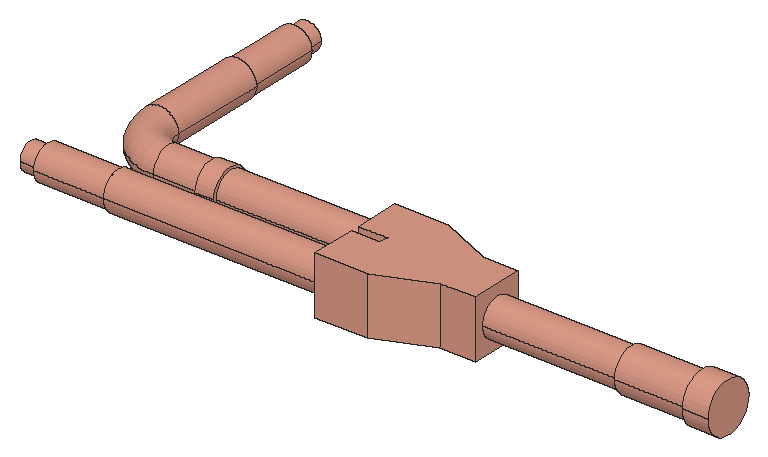
Revit family "outputfile", category 配管付属品, Revit 2024
Family settings
  丸型コネクタ寸法 = 半径を使用
  パーツ タイプ = 標準
  OmniClass 番号 = 23.65.55.00
  OmniClass タイトル = Distribution of Supplied Liquids/Gases
  作業面ベース = いいえ
  常に垂直 = はい
  ロード時にボイドで切り取り = いいえ
  共有 = いいえ
Parameters (values of type "BHFP22P151_(2)")
  Description = ""
  製造元 = "Daikin"
  書き出し IFC クラス(タイプ) = "IfcPipeFittingType"
  Default Elevation = 0.0 mm
  定義済み IFC タイプ(タイプ) = "JUNCTION"
  Cost = 0
  モデル = "BHFP22P151_(2)"
  Type Comments = ""
  Keynote = ""
  Type Image = (empty or 0)
  Assembly Code = ""
  table_PipeToCU_B [instance] = if(mm⇔inch, "Multi Module Kit_BHFP22P-_Liquid_PipeToCU_B", "Multi Module Kit_BHFP22P-_Liquid_PipeToCU_B_inch")  # "Multi Module Kit_BHFP22P-_Liquid_PipeToCU_B"
  table_PipeToCU_A [instance] = if(mm⇔inch, "Multi Module Kit_BHFP22P-_Liquid_PipeToCU_A", "Multi Module Kit_BHFP22P-_Liquid_PipeToCU_A_inch")  # "Multi Module Kit_BHFP22P-_Liquid_PipeToCU_A"
  table_ToMainPipe [instance] = if(mm⇔inch, "Multi Module Kit_BHFP22P-_Liquid_ToMainPipe", "Multi Module Kit_BHFP22P-_Liquid_ToMainPipe_inch")  # "Multi Module Kit_BHFP22P-_Liquid_ToMainPipe"
  switch_ToMainPipe3 [instance] = if(number_ToMainPipe < 3, 1 = 0, 1 = 1)  # no
  switch_PipeToCU_B Reducer [instance] = if(and(Is_PipeToCU_B Reducer = 1, judge_IsOffsetPipe_ToOutdoorUnitB = 0), 1 = 1, 1 = 0)  # no
  switch_PipeToCU_B4 [instance] = if(number_PipeToCU_B < 4, 1 = 0, 1 = 1)  # no
  switch_PipeToCU_B3 [instance] = if(number_PipeToCU_B < 3, 1 = 0, 1 = 1)  # no
  switch_PipeToCU_B2 [instance] = if(number_PipeToCU_B < 2, 1 = 0, 1 = 1)  # yes
  switch_PipeToCU_A Reducer [instance] = if(Is_PipeToCU_A Reducer = 1, 1 = 1, 1 = 0)  # yes
  switch_ToMainPipe Reducer [instance] = if(Is_ToMainPipe Reducer = 1, 1 = 1, 1 = 0)  # no
  switch_ToMainPipe2 [instance] = if(number_ToMainPipe < 2, 1 = 0, 1 = 1)  # yes
  r_PipeToCU_B_ActualDiameter [instance] = PipeToCU_B_Liquid_ActualDiameter / 2  # 4.75 mm
  r_PipeToCU_A_ActualDiameter [instance] = PipeToCU_A_Liquid_ActualDiameter / 2  # 4.75 mm
  r_ToMainPipe_ActualDiameter [instance] = ToMainPipe_Liquid_ActualDiameter / 2  # 9.55 mm
  number_PipeToCU_B ReducerPipe [instance] = size_lookup(table_PipeToCU_B, "reducerPipeNumber", 0, モデル, judge_IsOffsetPipe_ToOutdoorUnitB, PipeToCU_B_Liquid_ActualDiameter)  # 0
  number_PipeToCU_B [instance] = size_lookup(table_PipeToCU_B, "pipeNumber", 2, モデル, judge_IsOffsetPipe_ToOutdoorUnitB, PipeToCU_B_Liquid_ActualDiameter)  # 2
  number_PipeToCU_A ReducerPipe [instance] = size_lookup(table_PipeToCU_A, "reducerPipeNumber", 3, モデル, PipeToCU_A_Liquid_ActualDiameter)  # 3
  number_ToMainPipe [instance] = size_lookup(table_ToMainPipe, "pipeNumber", 3, モデル, ToMainPipe_Liquid_ActualDiameter)  # 2
  mm⇔inch [instance] = yes
  l_ToMainPipe3 [instance] = size_lookup(table_ToMainPipe, "L_Pipe3", 11.0 mm, モデル)  # 2.0 mm
  judge_IsOffsetPipe_ToOutdoorUnitB [instance] = 0  # constant formula
  Unit Type = "BHFP22P-_Liquid"
  Uniclass2015Version = "Products v1.31"
  Uniclass2015Title = "Copper pipe fittings"
  Uniclass2015Code = "Pr_65_52_63_18"
  URL = ""
  ToMainPipe_Liquid_Status [instance] = size_lookup(table_ToMainPipe, "Information", "The connected pipe size is not available.", モデル, ToMainPipe_Liquid_ActualDiameter)  # "Default connector size is used."
  ToMainPipe_Liquid_ActualDiameter [instance] = 19.1 mm
  Tag No. [instance] = ""
  Series = "Multi Module kit"
  RotateBranchPipetoCU_A_80° [instance] = no
  PipeToCU_B_Liquid_Status [instance] = size_lookup(table_PipeToCU_B, "Information", "The connected pipe size is not available.", モデル, judge_IsOffsetPipe_ToOutdoorUnitB, PipeToCU_B_Liquid_ActualDiameter)  # "Default connector size is used."
  PipeToCU_B_Liquid_ActualDiameter [instance] = 9.5 mm
  PipeToCU_A_Liquid_Status [instance] = size_lookup(table_PipeToCU_A, "Information", "The connected pipe size is not available.", モデル, PipeToCU_A_Liquid_ActualDiameter)  # "Reducer is used at connector."
  PipeToCU_A_Liquid_ActualDiameter [instance] = 9.5 mm
  O.D_PipeToCU_B Reducer [instance] = size_lookup(table_PipeToCU_B, "O.D_reducer", 2.0 mm, モデル, judge_IsOffsetPipe_ToOutdoorUnitB, PipeToCU_B_Liquid_ActualDiameter)  # 2.0 mm
  Material_Piping = DAIKIN_Copper_Pipe
  Material_Insulation = DAIKIN_White_Insulation
  location_PipeToCU_A connector [instance] = size_lookup(table_PipeToCU_A, "Locationconnector", 107.0 mm, モデル, PipeToCU_A_Liquid_ActualDiameter)  # 107.0 mm
  l_PipeToCU_B connector [instance] = size_lookup(table_PipeToCU_B, "Length", 128.0 mm, モデル, judge_IsOffsetPipe_ToOutdoorUnitB, PipeToCU_B_Liquid_ActualDiameter)  # 128.0 mm
  l_PipeToCU_B Reducer [instance] = 80.0 mm  # constant formula
  l_PipeToCU_B4 [instance] = size_lookup(table_PipeToCU_B, "L_Pipe4", 2.0 mm, モデル)  # 2.0 mm
  l_PipeToCU_B3 [instance] = size_lookup(table_PipeToCU_B, "L_Pipe3", 2.0 mm, モデル)  # 2.0 mm
  l_PipeToCU_B2 [instance] = size_lookup(table_PipeToCU_B, "L_Pipe2", 7.0 mm, モデル)  # 7.0 mm
  l_PipeToCU_B1 [instance] = size_lookup(table_PipeToCU_B, "L_Pipe1", 30.0 mm, モデル)  # 30.0 mm
  l_PipeToCU_B0 [instance] = size_lookup(table_PipeToCU_B, "L_Pipe0", 91.0 mm, モデル)  # 91.0 mm
  l_PipeToCU_A connector [instance] = size_lookup(table_PipeToCU_A, "Length", 97.0 mm, モデル, PipeToCU_A_Liquid_ActualDiameter)  # 97.0 mm
  l_PipeToCU_A1 [instance] = size_lookup(table_PipeToCU_A, "L_Pipe1", 8.0 mm, モデル)  # 8.0 mm
  l_PipeToCU_A0 [instance] = size_lookup(table_PipeToCU_A, "L_Pipe0", 62.0 mm, モデル)  # 62.0 mm
  l_ToMainPipe connector [instance] = size_lookup(table_ToMainPipe, "Length", 128.0 mm, モデル, ToMainPipe_Liquid_ActualDiameter)  # 98.0 mm
  l_ToMainPipe Reducer [instance] = size_lookup(table_ToMainPipe, "L_Reducer", 2.0 mm, モデル, ToMainPipe_Liquid_ActualDiameter)  # 2.0 mm
  l_ToMainPipe2 [instance] = size_lookup(table_ToMainPipe, "L_Pipe2", 30.0 mm, モデル)  # 11.0 mm
  l_ToMainPipe1 [instance] = size_lookup(table_ToMainPipe, "L_Pipe1", 30.0 mm, モデル)  # 30.0 mm
  l_ToMainPipe0 [instance] = size_lookup(table_ToMainPipe, "L_Pipe0", 57.0 mm, モデル)  # 57.0 mm
  judge_JointType(1or2) = 2
  count_PipeToCU_B Reducer [instance] = 0  # constant formula
  count_PipeToCU_A Reducer [instance] = size_lookup(table_PipeToCU_A, "reducerCount", 1, モデル, PipeToCU_A_Liquid_ActualDiameter)  # 1
  angle_PipeToCU_A Pipe [instance] = if(RotateBranchPipetoCU_A_90°, 90.00°, if(RotateBranchPipetoCU_A_80°, 80.00°, 0.00°))  # 0.00°
  angle_PipeToCU_A Connector [instance] = angle_PipeToCU_A Pipe + 90.00°  # 90.00°
  PipeToCU_B_Liquid_AvailableDiameter [instance] = size_lookup(table_PipeToCU_B, "sizeVariation", "", モデル, judge_IsOffsetPipe_ToOutdoorUnitB)  # "9.5/12.7/15.9mm"
  PipeToCU_A_Liquid_AvailableDiameter [instance] = size_lookup(table_PipeToCU_A, "sizeVariation", "", モデル)  # "9.5/12.7/15.9mm"
  ToMainPipe_Liquid_AvailableDiameter [instance] = size_lookup(table_ToMainPipe, "sizeVariation", "", モデル)  # "9.5/12.7/15.9/19.1mm"
  RotateBranchPipetoCU_A_90° [instance] = no
  O.D_ToMainPipe Reducer [instance] = size_lookup(table_ToMainPipe, "O.D_reducer", 2.0 mm, モデル, ToMainPipe_Liquid_ActualDiameter)  # 2.0 mm
  Link_Nested Family [instance] = ""
  Is_PipeToCU_B Reducer [instance] = size_lookup(table_PipeToCU_B, "IsReducer", 0, モデル, judge_IsOffsetPipe_ToOutdoorUnitB, PipeToCU_B_Liquid_ActualDiameter)  # 0
  Is_PipeToCU_A Reducer [instance] = size_lookup(table_PipeToCU_A, "IsReducer", 1, モデル, PipeToCU_A_Liquid_ActualDiameter)  # 1
  Is_ToMainPipe Reducer [instance] = size_lookup(table_ToMainPipe, "IsReducer", 0, モデル, ToMainPipe_Liquid_ActualDiameter)  # 0
  IfcVersion = ""
  IfcExportType = "JUNCTION"
  IfcExportAs = "IfcPipeFittingType"
  I.D_ToMainPipe3 [instance] = size_lookup(table_ToMainPipe, "I.D_PipeSize3", 22.2 mm, モデル)  # 2.0 mm
  I.D_PipeToCU_B Reducer [instance] = size_lookup(table_PipeToCU_B, "I.D_reducer", 2.0 mm, モデル, judge_IsOffsetPipe_ToOutdoorUnitB, PipeToCU_B_Liquid_ActualDiameter)  # 2.0 mm
  Attach_Insulation [instance] = no
  I.D_PipeToCU_B4 [instance] = size_lookup(table_PipeToCU_B, "I.D_PipeSize4", 2.0 mm, モデル)  # 2.0 mm
  I.D_PipeToCU_B3 [instance] = size_lookup(table_PipeToCU_B, "I.D_PipeSize3", 2.0 mm, モデル)  # 2.0 mm
  I.D_PipeToCU_B2 [instance] = size_lookup(table_PipeToCU_B, "I.D_PipeSize2", 9.5 mm, モデル)  # 9.5 mm
  I.D_PipeToCU_B1 [instance] = size_lookup(table_PipeToCU_B, "I.D_PipeSize1", 12.7 mm, モデル)  # 12.7 mm
  I.D_PipeToCU_B0 [instance] = size_lookup(table_PipeToCU_B, "I.D_PipeSize0", 13.9 mm, モデル)  # 13.9 mm
  I.D_PipeToCU_A1 [instance] = 15.5 mm  # constant formula
  I.D_PipeToCU_A0 [instance] = 13.9 mm  # constant formula
  I.D_ToMainPipe Reducer [instance] = size_lookup(table_ToMainPipe, "I.D_reducer", 2.0 mm, モデル, ToMainPipe_Liquid_ActualDiameter)  # 2.0 mm
  I.D_ToMainPipe2 [instance] = size_lookup(table_ToMainPipe, "I.D_PipeSize2", 19.1 mm, モデル)  # 19.1 mm
  I.D_ToMainPipe1 [instance] = size_lookup(table_ToMainPipe, "I.D_PipeSize1", 15.9 mm, モデル)  # 15.9 mm
  I.D_ToMainPipe0 [instance] = size_lookup(table_ToMainPipe, "I.D_PipeSize0", 13.9 mm, モデル)  # 13.9 mm
Reference planes
  plane 1 "Center (Front/Back)": y = 0
  plane 2: z = 0
  plane 3 "pipe2": x = 225.65
  plane 4: x = 214.65
  plane 5: x = 184.65
  plane 6: x = 127.65
  plane 7: x = 67.65
  plane 8: x = -2.35
  plane 9: x = -23.35
  plane 10: x = -53.35
  plane 11: x = -60.35
  plane 12: x = -62.35
  plane 13: x = -64.35
  plane 14 "offset_center": y = 11.5
  plane 15: y = -11.5
  plane 16: x = 5.65
  plane 17: x = 177.65
  plane 18 "ToMainPipe_connector": x = 225.65
  plane 19 "connector_OutdoorunitA": x = -39.35
  plane 20 "connector_ToOutdoorUnitB": x = -104.35
  plane 21 "pipe3": x = 227.65
  plane 22 "connector_PipeToCU_B": x = -60.35
Forms (mm)
  Extrusion 1, solid, material "DAIKIN_Copper_Pipe" <- "Material_Piping"
    sketch origin (0, 0, 0) x (1, 0, 0) y (0, 1, 0)
      loop
        line (67.65, 1.998) -> (79.65, 1.998) -> (79.65, -1.998) -> (67.65, -1.998) -> (67.65, -21.2) -> (89.801, -21.2) -> (112.65, -11.3) -> (127.65, -11.3) -> (127.65, 11.3) -> (112.65, 11.3) -> (89.801, 21.2) -> (67.65, 21.2) -> (67.65, 1.998)
    from -12.2 to 12.2
Dimensions and locks
  locked: plane 6 to plane 17 at 50
  "l_PipeToCU_A1": plane 8 to plane 16
  "l_PipeToCU_B1": plane 10 to plane 9
  "l_PipeToCU_B2": plane 11 to plane 10
  "l_PipeToCU_B3": plane 12 to plane 11
  "l_PipeToCU_B4": plane 13 to plane 12
  locked: plane 7 to plane 6 at 60
  "l_ToMainPipe1": plane 5 to plane 4
  "l_ToMainPipe2": plane 4 to plane 3 "pipe2"
  "l_ToMainPipe0": plane 6 to plane 5
  "l_ToMainPipe connector": plane 6 to plane 18 "ToMainPipe_connector"
  plane 14 "offset_center" to plane 1 "Center (Front/Back)" to plane 15 = 11.5 mm locked, 11.5 mm locked
  locked: plane 1 "Center (Front/Back)" to Extrusion 1 sketch curve at 11.3  (x2)
  locked: Extrusion 1 sketch curve to plane 1 "Center (Front/Back)" at 21.2
  locked: plane 1 "Center (Front/Back)" to Extrusion 1 sketch curve at 21.2
  "l_PipeToCU_A0": plane 16 to plane 7
  "location_PipeToCU_A connector": plane 19 "connector_OutdoorunitA" to plane 7
  "l_PipeToCU_B0": plane 9 to plane 7
  "l_ToMainPipe3": plane 3 "pipe2" to plane 21 "pipe3"
  "l_PipeToCU_B connector": plane 22 "connector_PipeToCU_B" to plane 7
  aligned and locked: level to plane 2
  aligned and locked: plane 2 to nested 1
  aligned and locked: plane 1 "Center (Front/Back)" to nested 1
  aligned and locked: plane 3 "pipe2" to nested 1
  aligned and locked: plane 4 to nested 1
  aligned and locked: plane 4 to nested 2
  aligned and locked: plane 5 to nested 2
  aligned and locked: plane 5 to nested 3
  aligned and locked: plane 6 to nested 3
  aligned and locked: plane 6 to Extrusion 1
  aligned and locked: Extrusion 1 to plane 7  (x2)
  aligned and locked: plane 7 to nested 4
  aligned and locked: plane 8 to nested 5
  aligned and locked: plane 16 to nested 5
  aligned and locked: nested 5 to plane 14 "offset_center"
  aligned and locked: nested 6 to plane 15
  aligned and locked: plane 7 to nested 6
  aligned and locked: plane 9 to nested 6
  aligned and locked: plane 10 to nested 7
  aligned and locked: plane 9 to nested 7
  aligned and locked: plane 11 to nested 8
  aligned and locked: plane 10 to nested 8
  aligned and locked: plane 12 to nested 9
  aligned and locked: plane 11 to nested 9
  aligned and locked: plane 13 to nested 10
  aligned and locked: plane 12 to nested 10
  aligned and locked: nested 10 to plane 15
  aligned and locked: nested 9 to plane 15
  aligned and locked: nested 8 to plane 15
  aligned and locked: nested 7 to plane 15
  aligned and locked: plane 1 "Center (Front/Back)" to nested 11
  aligned and locked: plane 17 to nested 11
  aligned and locked: plane 16 to nested 4
  aligned and locked: nested 12 to plane 14 "offset_center"
  aligned and locked: plane 8 to nested 12
  aligned and locked: plane 1 "Center (Front/Back)" to nested 13
  aligned and locked: plane 18 "ToMainPipe_connector" to nested 13
  aligned and locked: plane 6 to nested 14
  aligned and locked: plane 1 "Center (Front/Back)" to nested 3
  aligned and locked: nested 15 to plane 7
  aligned and locked: nested 4 to plane 14 "offset_center"
  aligned and locked: plane 3 "pipe2" to nested 16
  aligned and locked: plane 21 "pipe3" to nested 16
  aligned and locked: nested 15 to plane 15
  aligned and locked: nested 17 to plane 22 "connector_PipeToCU_B"
  aligned and locked: plane 15 to nested 17
  aligned and locked: plane 14 "offset_center" to nested 18
  aligned and locked: nested 18 to plane 19 "connector_OutdoorunitA"
Automatic sketch dimensions
  Extrusion 1 sketch curve to plane 7 = 0.0 mm  (x2)
  Extrusion 1 sketch curve to plane 6 = 0.0 mm
  Extrusion 1 sketch curve to plane 1 "Center (Front/Back)" = 1.998 mm
  plane 7 to Extrusion 1 sketch curve = 12.0 mm
  Extrusion 1 sketch curve to Extrusion 1 sketch curve = 10.151 mm  (x2)
  Extrusion 1 sketch curve to Extrusion 1 sketch curve = 15.0 mm  (x2)
  plane 1 "Center (Front/Back)" to Extrusion 1 sketch curve = 1.998 mm
Nested families
  nested 1: "daikin_Pipe" at (220.15, 0, 0), I.D_Pipe <- "I.D_ToMainPipe2", display <- "switch_ToMainPipe2", type "*"
    with length_Pipe 11.0 mm, display yes, O.D_Pipe 21.1 mm, I.D_Pipe 19.1 mm
  nested 2: "daikin_Pipe" at (199.65, 0, 0), I.D_Pipe <- "I.D_ToMainPipe1", type "*"
    with length_Pipe 30.0 mm, display yes, O.D_Pipe 17.9 mm, I.D_Pipe 15.9 mm
  nested 3: "daikin_Pipe" at (156.15, 0, 0), I.D_Pipe <- "I.D_ToMainPipe0", type "*"
    with length_Pipe 57.0 mm, display yes, O.D_Pipe 15.9 mm, I.D_Pipe 13.9 mm
  nested 4: "daikin_Pipe" at (36.65, 11.5, 0), I.D_Pipe <- "I.D_PipeToCU_A0", type "*"
    with length_Pipe 62.0 mm, display yes, O.D_Pipe 15.9 mm, I.D_Pipe 13.9 mm
  nested 5: "daikin_Pipe" at (1.65, 11.5, 0), I.D_Pipe <- "I.D_PipeToCU_A1", type "*"
    with length_Pipe 8.0 mm, display yes, O.D_Pipe 17.5 mm, I.D_Pipe 15.5 mm
  nested 6: "daikin_Pipe" at (22.15, -11.5, 0), I.D_Pipe <- "I.D_PipeToCU_B0", type "*"
    with length_Pipe 91.0 mm, display yes, O.D_Pipe 15.9 mm, I.D_Pipe 13.9 mm
  nested 7: "daikin_Pipe" at (-38.35, -11.5, 0), I.D_Pipe <- "I.D_PipeToCU_B1", type "*"
    with length_Pipe 30.0 mm, display yes, O.D_Pipe 14.7 mm, I.D_Pipe 12.7 mm
  nested 8: "daikin_Pipe" at (-56.85, -11.5, 0), I.D_Pipe <- "I.D_PipeToCU_B2", display <- "switch_PipeToCU_B2", type "*"
    with length_Pipe 7.0 mm, display yes, O.D_Pipe 11.5 mm, I.D_Pipe 9.5 mm
  nested 9: "daikin_Pipe" at (-61.35, -11.5, 0), display <- "switch_PipeToCU_B3", I.D_Pipe <- "I.D_PipeToCU_B3", visible <- "switch_PipeToCU_B3", type "*"
    with length_Pipe 2.0 mm, display no, O.D_Pipe 4.0 mm, I.D_Pipe 2.0 mm
  nested 10: "daikin_Pipe" at (-63.35, -11.5, 0), display <- "switch_PipeToCU_B4", I.D_Pipe <- "I.D_PipeToCU_B4", visible <- "switch_PipeToCU_B4", type "*"
    with length_Pipe 2.0 mm, display no, O.D_Pipe 4.0 mm, I.D_Pipe 2.0 mm
  nested 11: "daikin_MultiModeluKit_Insulation" at (177.65, 0, 0), display <- "Attach_Insulation", type "*"
    with h 54.2 mm, display no, I.D_Outlet PipeSize 22.2 mm
  nested 12: "daikin_Multi Module kit_Reducer90_rotate" at (-2.35, 11.5, 0), number_reducerPipe <- "number_PipeToCU_A ReducerPipe", angle_Pipe <- "angle_PipeToCU_A Pipe", I.D_Pipe <- "PipeToCU_A_Liquid_ActualDiameter", count_Reducer <- "count_PipeToCU_A Reducer", type "*"
    with number_reducerPipe 3, display_Pipe2 yes, display_Pipe1 yes, count_Reducer 1, angle_Pipe 0.00°, I.D_Pipe 9.5 mm
  nested 13: "daikin_Pipe_reducer" at (224.65, 0, 0), I.D_Pipe1 <- "I.D_ToMainPipe Reducer", O.D_Pipe2 <- "O.D_ToMainPipe Reducer", length_Pipe <- "l_ToMainPipe Reducer", display <- "switch_ToMainPipe Reducer", type "*"
    with length_Pipe 2.0 mm, display no, O.D_Pipe2 2.0 mm, O.D_Pipe1 4.0 mm, I.D_Pipe2 0.0 mm, I.D_Pipe1 2.0 mm
  nested 14: "daikin_connector_rotate3" at (127.65, 0, 0) x (0, 1, 0) z (0, 0, 1), length <- "l_ToMainPipe connector", type "daikin_connector_rotate3"
    with radius 10.0 mm, length 98.0 mm, angle_vertical 90.00°, angle_horizontal 0.00°, show_face no, show_circle no
  nested 15: "daikin_connector_rotate3" at (67.65, -11.5, 0) x (0, -1, 0) z (0, 0, 1), length <- "l_PipeToCU_B connector", type "daikin_connector_rotate3"
    with radius 10.0 mm, length 128.0 mm, angle_vertical 90.00°, angle_horizontal 0.00°, show_face no, show_circle no
  nested 16: "daikin_Pipe" at (226.65, 0, 0), display <- "switch_ToMainPipe3", I.D_Pipe <- "I.D_ToMainPipe3", type "*"
    with length_Pipe 2.0 mm, display no, O.D_Pipe 4.0 mm, I.D_Pipe 2.0 mm
  nested 17: "daikin_Pipe_reducer" at (-20.35, -11.5, 0) x (-1, 0, 0) z (0, 0, 1), length_Pipe <- "l_PipeToCU_B Reducer", I.D_Pipe1 <- "I.D_PipeToCU_B Reducer", O.D_Pipe2 <- "O.D_PipeToCU_B Reducer", display <- "switch_PipeToCU_B Reducer", type "*"
    with length_Pipe 80.0 mm, display no, O.D_Pipe2 2.0 mm, O.D_Pipe1 4.0 mm, I.D_Pipe2 0.0 mm, I.D_Pipe1 2.0 mm
  nested 18: "daikin_connector_rotate3" at (-39.35, 11.5, 0) x (-1, 0, 0) z (0, 0, 1), angle_vertical <- "angle_PipeToCU_A Connector", length <- "l_PipeToCU_A connector", type "daikin_connector_rotate3"
    with radius 10.0 mm, length 97.0 mm, angle_vertical 90.00°, angle_horizontal 0.00°, show_face no, show_circle no
Connectors
  piping at (225.65, 0, 0), diameter 19.1, driven by "r_ToMainPipe_ActualDiameter"
    settings: on nested 14, index 1, connector inside diameter 609.6 mm, connector length 0.0 mm, flow factor 0, pipe flow 0.00 m³/h, pressure drop 0.0 Pa, fitting loss kfactor 0, connector angle 0.00°, fixture units 0, engagement length 0.0 mm, angle of deflection 0.00°, flow configuration 0, flow direction 2, fitting loss method 0, system type 29, joint type 0, gender type 0, connector reference index -1, connector utility 0, adjustable connector no, is connector primary yes, connector description "Multi Module kit_to Main Pipe_Liquid"
  piping at (-60.35, -11.5, 0), diameter 9.5, driven by "r_PipeToCU_B_ActualDiameter"
    settings: on nested 15, index 3, connector inside diameter 609.6 mm, connector length 0.0 mm, flow factor 0, pipe flow 0.00 m³/h, pressure drop 0.0 Pa, fitting loss kfactor 0, connector angle 0.00°, fixture units 0, engagement length 0.0 mm, angle of deflection 0.00°, flow configuration 0, flow direction 1, fitting loss method 0, system type 29, joint type 0, gender type 0, connector reference index -1, connector utility 0, adjustable connector no, is connector primary no, connector description "Multi Module kit_Piping to CU-B_Liquid"
  piping at (-39.35, 108.5, 0), diameter 9.5, driven by "r_PipeToCU_A_ActualDiameter"
    settings: on nested 18, index 4, connector inside diameter 609.6 mm, connector length 0.0 mm, flow factor 0, pipe flow 0.00 m³/h, pressure drop 0.0 Pa, fitting loss kfactor 0, connector angle 0.00°, fixture units 0, engagement length 0.0 mm, angle of deflection 0.00°, flow configuration 0, flow direction 1, fitting loss method 0, system type 29, joint type 0, gender type 0, connector reference index -1, connector utility 0, adjustable connector no, is connector primary no, connector description "Multi Module kit_Piping to CU-A_Liquid"
Definition of nested family "daikin_Pipe"
  Parameters (values of type "*")
    Default Elevation = 0.0 mm
    material = none
    length_Pipe [instance] = 150.0 mm
    display [instance] = yes
    O.D_Pipe [instance] = I.D_Pipe + 2.0 mm  # 27.0 mm
    I.D_Pipe [instance] = 25.0 mm
  Reference planes
    plane 1 "Center (Front/Back)": y = 0
    plane 2 "center(vertical)": z = 0
    plane 3 "Center (Left/Right)": x = 0
    plane 4 "left": x = -75
    plane 5 "right": x = 75
  Forms (mm)
    Extrusion 1, solid, material <- "material", visible <- "display"
      sketch origin (0, 0, 0) x (0, 1, 0) y (0, 0, 1)
        loop
          circle (0, 0) r 13.5
      from -75 to 75
  Dimensions and locks
    equal spacing: plane 4 "left", plane 3 "Center (Left/Right)", plane 5 "right"
    "length_Pipe": plane 4 "left" to plane 5 "right"
    "O.D_Pipe": diameter of Extrusion 1 sketch curve
    aligned and locked: level to plane 2 "center(vertical)"
    aligned and locked: plane 2 "center(vertical)" to Extrusion 1 sketch curve
    aligned and locked: plane 1 "Center (Front/Back)" to Extrusion 1 sketch curve
    aligned and locked: plane 5 "right" to Extrusion 1
    aligned and locked: Extrusion 1 to plane 4 "left"
Definition of nested family "daikin_Multi Module kit_Reducer90_rotate"
  Parameters (values of type "*")
    Default Elevation = 0.0 mm
    number_reducerPipe [instance] = 4
    material_Pipe = none
    display_Pipe2 [instance] = if(number_reducerPipe < 3, 1 = 0, 1 = 1)  # yes
    display_Pipe1 [instance] = if(number_reducerPipe < 2, 1 = 0, 1 = 1)  # yes
    count_Reducer [instance] = 0
    angle_Pipe [instance] = 30.00°
    I.D_Pipe [instance] = 0.0 mm
  Reference planes
    plane 1 "Center (Front/Back)": y = 0
    plane 2: z = 0
    plane 3 "Center (Left/Right)": x = 0
  Dimensions and locks
    "angle_Pipe": angle plane 2 to nested 1
    aligned and locked: level to plane 2
  Nested families
    nested 1: "daikin_Multi Module kit_Reducer90" at (0, 0, 0) x (1, 0, 0) z (0, -0.5, 0.866), display_Pipe2 <- "display_Pipe2", display_Pipe1 <- "display_Pipe1", I.D_connector <- "I.D_Pipe", count_Reducer <- "count_Reducer", type "*"
      with display_Reducer no, display_Pipe2 yes, display_Pipe1 yes, count_Reducer 0, I.D_connector 0.0 mm
  Definition of nested family "daikin_Multi Module kit_Reducer90"
    Parameters (values of type "*")
      Default Elevation = 0.0 mm
      material_Pipe = none
      display_Reducer [instance] = and(I.D_connector = 19.1 mm, count_Reducer = 2)  # no
      display_Pipe2 [instance] = yes
      display_Pipe1 [instance] = yes
      count_Reducer [instance] = 0
      O.D_Pipe2 = 9.5 mm + 2.0 mm  # 11.5 mm
      O.D_Pipe1 = 12.7 mm + 2.0 mm  # 14.7 mm
      O.D_Pipe0 = 15.9 mm  # constant formula
      I.D_connector [instance] = 0.0 mm
    Reference planes
      plane 1 "Center (Front/Back)": y = 0
      plane 2 "center_vertical": z = 0
      plane 3 "Center (Left/Right)": x = 0
      plane 4 "center_toOutdoor": x = -37
      plane 5: y = 60
      plane 6: y = 90
      plane 7: y = 97
    Forms (mm)
      Sweep 1, solid, material <- "material_Pipe"
        path origin (0, 0, 0) x (1, 0, 0) y (0, 1, 0)
          loop
            line (0, 0) -> (-18.241, 0)
            arc (-18.241, 0) -> (-31.506, 5.494) -> (-37, 18.759) r 18.759
            line (-37, 18.759) -> (-37, 60)
        profile origin (-9.12, 0, 0) x (0, -1, 0) y (0, 0, 1)
          loop
            circle (0, 0) r 7.95
      Extrusion 2, solid, material <- "material_Pipe", visible <- "display_Pipe1"
        sketch origin (0, 0, 0) x (1, 0, 0) y (0, 0, 1)
          loop
            circle (-37, 0) r 7.35
        from -90 to -60
      Extrusion 3, solid, material <- "material_Pipe", visible <- "display_Pipe2"
        sketch origin (75, -2.05, 0) x (1, 0, 0) y (0, 0, 1)
          loop
            circle (-112, 0) r 5.75
        from -99.05 to -92.05
    Lines and regions (mm)
      reference lines
        curve 1: line (0, 0, 0) -> (-37, 0, 0)
    Dimensions and locks
      plane 1 "Center (Front/Back)" to plane 5 = 60.0 mm
      plane 6 to plane 5 = 30.0 mm
      plane 7 to plane 6 = 7.0 mm
      plane 4 "center_toOutdoor" to plane 3 "Center (Left/Right)" = 37.0 mm
      "O.D_Pipe2": diameter of Extrusion 3 sketch curve
      "O.D_Pipe0": diameter of Sweep 1 sketch curve
      "O.D_Pipe1": diameter of Extrusion 2 sketch curve
      aligned and locked: level to plane 2 "center_vertical"
      aligned and locked: plane 6 to Extrusion 2
      aligned and locked: Extrusion 2 to plane 5
      aligned and locked: Extrusion 3 to plane 6
      aligned and locked: Sweep 1 sketch curve to plane 1 "Center (Front/Back)"
      aligned and locked: plane 3 "Center (Left/Right)" to curve 1
      aligned and locked: curve 1 to plane 1 "Center (Front/Back)"
      aligned and locked: plane 7 to Extrusion 3
      aligned and locked: plane 6 to nested 1
      aligned and locked: plane 4 "center_toOutdoor" to nested 1
    Automatic sketch dimensions
      Sweep 1 sketch curve to plane 4 "center_toOutdoor" = 0.0 mm
      Sweep 1 sketch curve to plane 3 "Center (Left/Right)" = 0.0 mm
      Sweep 1 sketch curve to plane 5 = 0.0 mm
      Sweep 1 sketch curve to plane 3 "Center (Left/Right)" = 18.241 mm
      curve 1 to plane 4 "center_toOutdoor" = 0.0 mm
      Sweep 1 sketch curve to level = 0.0 mm
      Sweep 1 sketch curve to profile plane = 0.0 mm
      Extrusion 2 sketch curve to level = 0.0 mm
      Extrusion 2 sketch curve to plane 4 "center_toOutdoor" = 0.0 mm
      Extrusion 3 sketch curve to level = 0.0 mm
      Extrusion 3 sketch curve to plane 4 "center_toOutdoor" = 0.0 mm
    Nested families
      nested 1: "daikin_Pipe_reducer" at (-37, 130, 0) x (0, 1, 0) z (0, 0, 1), display <- "display_Reducer", type "*"
        with length_Pipe 80.0 mm, display no, O.D_Pipe2 12.7 mm, O.D_Pipe1 21.1 mm, I.D_Pipe2 10.7 mm, I.D_Pipe1 19.1 mm
    Definition of nested family "daikin_Pipe_reducer"
      Parameters (values of type "*")
        Default Elevation = 0.0 mm
        material = none
        length_Pipe [instance] = 250.0 mm
        display [instance] = yes
        O.D_Pipe2 [instance] = 19.1 mm
        O.D_Pipe1 [instance] = I.D_Pipe1 + 2.0 mm  # 24.2 mm
        I.D_Pipe2 [instance] = O.D_Pipe2 - 2.0 mm  # 17.1 mm
        I.D_Pipe1 [instance] = 22.2 mm
      Reference planes
        plane 1 "Center (Front/Back)": y = 0
        plane 2 "center(vertical)": z = 0
        plane 3 "Center (Left/Right)": x = 0
        plane 4 "connection": x = -125
        plane 5 "right": x = 113
        plane 6: x = 125
      Forms (mm)
        Extrusion 1, solid, material <- "material", visible <- "display"
          sketch origin (0, 0, 0) x (0, 1, 0) y (0, 0, 1)
            loop
              circle (0, 0) r 9.55
          from -125 to 113
        Extrusion 2, solid, material <- "material", visible <- "display"
          sketch origin (0, 0, 0) x (0, 1, 0) y (0, 0, 1)
            loop
              circle (0, 0) r 12.1
          from 113 to 125
      Dimensions and locks
        locked: plane 5 "right" to plane 6 at 12
        "length_Pipe": plane 4 "connection" to plane 6
        equal spacing: plane 4 "connection", plane 3 "Center (Left/Right)", plane 6
        "O.D_Pipe2": diameter of Extrusion 1 sketch curve
        "O.D_Pipe1": diameter of Extrusion 2 sketch curve
        aligned and locked: level to plane 2 "center(vertical)"
        aligned and locked: plane 2 "center(vertical)" to Extrusion 1 sketch curve
        aligned and locked: plane 1 "Center (Front/Back)" to Extrusion 1 sketch curve
        aligned and locked: plane 5 "right" to Extrusion 1
        aligned and locked: Extrusion 1 to plane 4 "connection"
        aligned and locked: plane 2 "center(vertical)" to Extrusion 2 sketch curve
        aligned and locked: plane 1 "Center (Front/Back)" to Extrusion 2 sketch curve
        aligned and locked: Extrusion 2 to plane 5 "right"
        aligned and locked: plane 6 to Extrusion 2
Definition of nested family "daikin_MultiModeluKit_Insulation"
  Parameters (values of type "*")
    Default Elevation = 0.0 mm
    Model = ""
    material = none
    h [instance] = (I.D_Outlet PipeSize + 2.0 mm) + 30.0 mm  # 47.0 mm
    display [instance] = yes
    I.D_Outlet PipeSize [instance] = 15.0 mm
  Reference planes
    plane 1 "Center (Front/Back)": y = 0
    plane 2: z = 0
    plane 3 "Left": x = 0
    plane 4 "top": z = 23.5
    plane 5 "bottom": z = -23.5
  Forms (mm)
    Extrusion 1, solid, material <- "material", visible <- "display"
      sketch origin (0, 0, 0) x (1, 0, 0) y (0, 1, 0)
        loop
          line (0, -22.3) -> (0, 22.3) -> (-101, 45.79) -> (-187, 45.79) -> (-187, 6.128) -> (-257, 10) -> (-257, -45.79) -> (-101, -45.79) -> (0, -22.3)
      from -23.5 to 23.5
  Dimensions and locks
    equal spacing: plane 4 "top", plane 2, plane 5 "bottom"
    "h": plane 4 "top" to plane 5 "bottom"
    equal spacing: Extrusion 1 sketch curve, plane 1 "Center (Front/Back)", Extrusion 1 sketch curve
    locked: Extrusion 1 sketch curve to plane 3 "Left" at 101  (x2)
    locked: Extrusion 1 sketch curve to plane 3 "Left" at 187
    locked: Extrusion 1 sketch curve to plane 3 "Left" at 257
    aligned and locked: level to plane 2
    aligned and locked: plane 3 "Left" to Extrusion 1
    aligned and locked: Extrusion 1 to plane 5 "bottom"
    aligned and locked: plane 4 "top" to Extrusion 1
  Automatic sketch dimensions
    Extrusion 1 sketch curve to plane 3 "Left" = 0.0 mm
    plane 1 "Center (Front/Back)" to Extrusion 1 sketch curve = 45.79 mm
    plane 1 "Center (Front/Back)" to Extrusion 1 sketch curve = 22.3 mm
    Extrusion 1 sketch curve to plane 1 "Center (Front/Back)" = 45.79 mm
    Extrusion 1 sketch curve to plane 1 "Center (Front/Back)" = 10.0 mm
    Extrusion 1 sketch curve to plane 1 "Center (Front/Back)" = 6.128 mm
Definition of nested family "daikin_Pipe_reducer"
  Parameters (values of type "*")
    Default Elevation = 0.0 mm
    material = none
    length_Pipe [instance] = 250.0 mm
    display [instance] = yes
    O.D_Pipe2 [instance] = 19.1 mm
    O.D_Pipe1 [instance] = I.D_Pipe1 + 2.0 mm  # 24.2 mm
    I.D_Pipe2 [instance] = O.D_Pipe2 - 2.0 mm  # 17.1 mm
    I.D_Pipe1 [instance] = 22.2 mm
  Reference planes
    plane 1 "Center (Front/Back)": y = 0
    plane 2 "center(vertical)": z = 0
    plane 3 "Center (Left/Right)": x = 0
    plane 4 "connection": x = -125
    plane 5 "right": x = 113
    plane 6: x = 125
  Forms (mm)
    Extrusion 1, solid, material <- "material", visible <- "display"
      sketch origin (0, 0, 0) x (0, 1, 0) y (0, 0, 1)
        loop
          circle (0, 0) r 9.55
      from -125 to 113
    Extrusion 2, solid, material <- "material", visible <- "display"
      sketch origin (0, 0, 0) x (0, 1, 0) y (0, 0, 1)
        loop
          circle (0, 0) r 12.1
      from 113 to 125
  Dimensions and locks
    locked: plane 5 "right" to plane 6 at 12
    "length_Pipe": plane 4 "connection" to plane 6
    equal spacing: plane 4 "connection", plane 3 "Center (Left/Right)", plane 6
    "O.D_Pipe2": diameter of Extrusion 1 sketch curve
    "O.D_Pipe1": diameter of Extrusion 2 sketch curve
    aligned and locked: level to plane 2 "center(vertical)"
    aligned and locked: plane 2 "center(vertical)" to Extrusion 1 sketch curve
    aligned and locked: plane 1 "Center (Front/Back)" to Extrusion 1 sketch curve
    aligned and locked: plane 5 "right" to Extrusion 1
    aligned and locked: Extrusion 1 to plane 4 "connection"
    aligned and locked: plane 2 "center(vertical)" to Extrusion 2 sketch curve
    aligned and locked: plane 1 "Center (Front/Back)" to Extrusion 2 sketch curve
    aligned and locked: Extrusion 2 to plane 5 "right"
    aligned and locked: plane 6 to Extrusion 2
Definition of nested family "daikin_connector_rotate3"
  Parameters (values of type "daikin_connector_rotate3")
    Default Elevation = 1219.2 mm
    show_face = yes
    show_circle = yes
    radius [instance] = 10.0 mm
    length [instance] = 60.0 mm
    angle_horizontal [instance] = 60.00°
    angle_vertical [instance] = 90.00°
  Reference planes
    plane 1 "Center (Front/Back)": y = 0
    plane 2: z = 0
    plane 3 "Center (Left/Right)": x = 0
  Dimensions and locks
    "angle_horizontal": angle plane 3 "Center (Left/Right)" to nested 1
    aligned and locked: level to plane 2
    aligned and locked: plane 1 "Center (Front/Back)" to nested 1  (x2)
    aligned and locked: plane 3 "Center (Left/Right)" to nested 1
  Nested families
    nested 1: "daikin_connector_rotate2" at (0, 0, 0) x (0.5, 0.866, 0) z (0, 0, 1), angle_vertical <- "angle_vertical", length <- "length", radius <- "radius", type "daikin_connector_rotate2"
      with radius 10.0 mm, length 60.0 mm, angle_vertical 90.00°
  Definition of nested family "daikin_connector_rotate2"
    Parameters (values of type "daikin_connector_rotate2")
      Default Elevation = 0.0 mm
      show_face = yes
      show_circle = yes
      radius [instance] = 10.0 mm
      length [instance] = 60.0 mm
      d_surface = 10.0 mm
      angle_vertical [instance] = 90.00°
    Reference planes
      plane 1 "Center (Front/Back)": y = 0
      plane 2: z = 0
      plane 3 "Center (Left/Right)": x = 0
    Forms (mm)
      Extrusion 1, solid, visible <- "show_face"
        sketch origin (0, -60, 0) x (1, 0, 0) y (0, 0, 1)
          loop
            circle (0, 0) r 10
        from 0 to -10
    Lines and regions (mm)
      reference lines
        curve 1: line (0, 0, 0) -> (0, -60, 0)
      symbolic lines, visible <- "show_circle"
        curve 2: circle (0, 0, 0) r 5 normal (0, 0, 1)
      model lines, visible <- "show_face"
        curve 3: line (0, 0, 0) -> (0, -60, 0)
    Dimensions and locks
      "length": curve 1 to curve 1
      "length": curve 3 to curve 3
      "d_surface": Extrusion 1 to Extrusion 1
      "radius": radius of Extrusion 1 sketch curve
      "angle_vertical": angle curve 1 to plane 1 "Center (Front/Back)"
      "angle_vertical": angle curve 3 to plane 1 "Center (Front/Back)"
      aligned and locked: level to plane 2
      aligned and locked: plane 1 "Center (Front/Back)" to curve 1
      aligned and locked: plane 2 to curve 1
      aligned and locked: plane 1 "Center (Front/Back)" to curve 2
      aligned and locked: plane 3 "Center (Left/Right)" to curve 2
      aligned and locked: plane 1 "Center (Front/Back)" to curve 3
      aligned and locked: plane 2 to curve 3
      aligned and locked: Extrusion 1 to Extrusion 1
    Automatic sketch dimensions
      Extrusion 1 sketch curve to level = 0.0 mm
      Extrusion 1 sketch curve to plane 3 "Center (Left/Right)" = 0.0 mm
      radius of curve 2 = 5.0 mm
